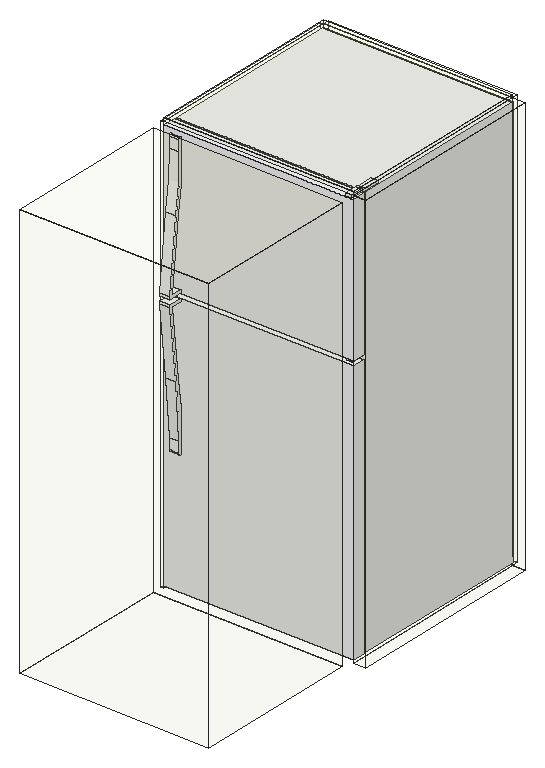
Revit family "WRT318FZDW_034c_Refrigeration_Top_Mount", category Specialty Equipment, Revit 2026
Family settings
  Round Connector Dimension = Use Diameter
  Part Type = Normal
  Work Plane-Based = No
  Enable Cutting in Views = No
  Always vertical = Yes
  Cut with Voids When Loaded = No
  Maintain Annotation Orientation = No
  Shared = No
  Room Calculation Point = No
Parameters (values of type "WRT318FZDW")
  Width = 29 3/4"
  Warranty Duration (Years) = "One year limited"
  Voltage = 120 V
  URL = "https://www.whirlpool.com/kitchen/refrigeration/refrigerators/top-freezer/p.30-inch-wide-top-freezer-refrigerator-18-cu.-ft.wrt318fzdm.html"
  Specification = ""
  SpecWizard = ""
  Show Clearance [instance] = yes
  Send Message = ""
  Sales Information = "https://www.whirlpool.com/kitchen/refrigeration/refrigerators/top-freezer/p.30-inch-wide-top-freezer-refrigerator-18-cu.-ft.wrt318fzdm.html"
  Product Data = "https://www.whirlpool.com/content/dam/global/documents/201710/specification-sheet-WR170104D.pdf"
  Model = "WRT318FZDW"
  Manufacturer Website = ""
  Manufacturer Phone - Toll Free = ""
  Manufacturer Phone = ""
  Manufacturer Fax = ""
  Manufacturer Email = ""
  Manufacturer Address = ""
  Manufacturer = "Whirlpool"
  Maintenance Schedule (Months) = "NA"
  Leg Material = ARCAT - Metal - Steel - White
  Installation-Fabrication = "https://www.whirlpool.com/content/dam/global/documents/201412/installation-instructions-W10728576-RevA.pdf"
  Installation Phase = "NA"
  Height = 65 7/8"
  Handle Material = ARCAT - Metal - Steel - White
  HW size = 0"
  Family Name = "Top Mount Refrigerator"
  Expected Lifespan (Years) = "NA"
  Exhaust size = 0"
  Drawn By = ""
  Drain size = 0"
  Door Material = ARCAT - Metal - Steel - White
  Description = "Whirlpool® 30-inch Wide Top Freezer Refrigerator - 18 cu. ft."
  Depth = 33 1/2"
  Default Elevation = 0"
  Copyright = ""
  Clearance Material = ARCAT - Clearance
  CW size = 0"
  Body Material = ARCAT - Metal - Steel - White
  Apparent Load = 0 VA
  Amps = 15 A
Reference planes (in)
  plane 1 "Center (Front/Back)": y = 0
  plane 2: z = 0
  plane 3 "Center (Left/Right)": x = 0
  plane 4: z = 65.875
  plane 5: x = -14.875
  plane 6: x = 14.875
  plane 7: y = -1
  plane 8: y = -34.5
Forms (in)
  Extrusion 1, solid, material "ARCAT - Clearance" <- "Clearance Material", visible <- "Show Clearance", detail levels medium+fine
    sketch origin (63.95747, -179.25, 0) x (-1, 0, 0) y (0, -1, 0)
      loop
        line (49.08247, -144.75) -> (78.83247, -144.75) -> (78.83247, -118.5) -> (49.08247, -118.5) -> (49.08247, -144.75)
    from 0.5 to 65.875
  Extrusion 2, solid, material "ARCAT - Clearance" <- "Clearance Material", visible <- "Show Clearance", detail levels medium+fine
    sketch origin (63.95747, -148.5, 0) x (-1, 0, 0) y (0, -1, 0)
      loop
        line (49.08247, -148.5) -> (78.83247, -148.5) -> (78.83247, -147.5) -> (49.08247, -147.5) -> (49.08247, -148.5)
    from 0 to 65.875
  Extrusion 3, solid, material "ARCAT - Clearance" <- "Clearance Material", visible <- "Show Clearance", detail levels medium+fine
    sketch origin (91.95747, -163.38786, 0) x (-1, 0, 0) y (0, -1, 0)
      loop
        line (75.08247, -162.38786) -> (77.08247, -162.38786) -> (77.08247, -131.01286) -> (75.08247, -131.01286) -> (75.08247, -162.38786)
    from 0 to 65.875
  Extrusion 4, solid, material "ARCAT - Metal - Steel - White" <- "Body Material"
    sketch origin (0, -2.25, 0) x (1, 0, 0) y (0, 1, 0)
      loop
        line (-14.875, 1.125) -> (-14.875, -27.625) -> (14.875, -27.625) -> (14.875, 1.125) -> (-14.875, 1.125)
    from 0.5 to 65.375
  Extrusion 5, solid, material "ARCAT - Metal - Steel - White" <- "Leg Material"
    sketch origin (4.68238, 17.64858, 0.5) x (1, 0, 0) y (0, -1, 0)
      loop
        circle (-17.05738, 21.14858) r 0.75
    from 0 to 0.5
  Extrusion 6, solid, material "ARCAT - Metal - Steel - White" <- "Leg Material"
    sketch origin (-4.68238, 17.64858, 0.5) x (1, 0, 0) y (0, -1, 0)
      loop
        circle (17.05738, 21.14858) r 0.75
    from 0 to 0.5
  Extrusion 7, solid, material "ARCAT - Metal - Steel - White" <- "Leg Material"
    sketch origin (4.68238, -2.60142, 0.5) x (1, 0, 0) y (0, -1, 0)
      loop
        circle (-17.05738, 22.39858) r 0.75
    from 0 to 0.5
  Extrusion 8, solid, material "ARCAT - Metal - Steel - White" <- "Leg Material"
    sketch origin (-4.68238, -2.60142, 0.5) x (1, 0, 0) y (0, -1, 0)
      loop
        circle (17.05738, 22.39858) r 0.75
    from 0 to 0.5
  Extrusion 9, solid, material "ARCAT - Metal - Steel - White" <- "Handle Material"
    sketch origin (-13.8125, -2.875, 38.625) x (0, 0, 1) y (0, 1, 0)
      loop
        line (4, -29.5) -> (4, -31.625)
        arc (4, -31.625) -> (4.20656, -31.6259) -> (4.41312, -31.62635) r 95.84862
        arc (4.41312, -31.62635) -> (9.89651, -31.35075) -> (15.32279, -30.51462) r 53.5
        arc (15.32279, -30.51462) -> (19.64156, -29.87943) -> (24.00487, -29.75) r 37.53027
        arc (24.00487, -29.75) -> (24.87987, -29.76249) -> (25.75487, -29.75) r 30.66774
        arc (25.75487, -29.75) -> (25.92957, -29.6747) -> (26.00487, -29.5) r 0.25745
        line (26.00487, -29.5) -> (19.35808, -29.5)
        arc (19.35808, -29.5) -> (17.27949, -29.68182) -> (15.22139, -30.02501) r 26.76422
        arc (15.22139, -30.02501) -> (9.88876, -30.84893) -> (4.5, -31.12638) r 53
        line (4.5, -31.12638) -> (4.5, -29.5) -> (4, -29.5)
    from 0 to -1.5
  Extrusion 10, solid, material "ARCAT - Metal - Steel - White" <- "Door Material"
    sketch origin (0, -4.5, 58.5) x (1, 0, 0) y (0, 1, 0)
      loop
        line (-14.875, -25.875) -> (-14.875, -27.875) -> (14.875, -27.875) -> (14.875, -25.875) -> (-14.875, -25.875)
    from -15.875 to 6.875
  Extrusion 11, solid, material "ARCAT - Metal - Steel - White" <- "Door Material"
    sketch origin (0, -4.5, 35.5) x (1, 0, 0) y (0, 1, 0)
      loop
        line (-14.875, -25.875) -> (-14.875, -27.875) -> (14.875, -27.875) -> (14.875, -25.875) -> (-14.875, -25.875)
    from -35 to 6.375
  Extrusion 12, solid, material "ARCAT - Metal - Steel - White" <- "Body Material"
    sketch origin (0.5, -4.5, 65.375) x (1, 0, 0) y (0, 1, 0)
      loop
        circle (13.625, -26.8125) r 0.25
    from 0 to 0.125
  Extrusion 13, solid, material "ARCAT - Metal - Steel - White" <- "Body Material"
    sketch origin (13.625, 4, 48) x (0, 1, 0) y (0, 0, 1)
      loop
        line (-36.375, 17.5) -> (-34.375, 17.5)
        arc (-34.375, 17.5) -> (-34.11731, 17.46828) -> (-33.875, 17.375) r 1.0625
        line (-33.875, 17.375) -> (-31.33968, 17.375) -> (-31.33968, 17.75) -> (-33.81956, 17.75)
        arc (-33.81956, 17.75) -> (-34.09033, 17.84336) -> (-34.375, 17.875) r 1.29656
        line (-34.375, 17.875) -> (-36.375, 17.875) -> (-36.375, 17.5)
    from 0 to 1
  Extrusion 14, solid, material "ARCAT - Metal - Steel - White" <- "Body Material"
    sketch origin (0.28125, -4.5, 42.125) x (1, 0, 0) y (0, 1, 0)
      loop
        circle (13.625, -26.8125) r 0.25
    from -0.25 to 0.5
  Extrusion 15, solid, material "ARCAT - Metal - Steel - White" <- "Body Material"
    sketch origin (13.40625, 4, 24.5625) x (0, 1, 0) y (0, 0, 1)
      loop
        line (-35.93026, 17.5) -> (-33.875, 17.5) -> (-33.875, 17.875) -> (-35.93026, 17.875) -> (-35.93026, 17.5)
    from 0 to 1
  Extrusion 16, solid, material "ARCAT - Metal - Steel - White" <- "Handle Material"
    sketch origin (-13.8125, -2.875, 46.25) x (0, 0, -1) y (0, -1, 0)
      loop
        line (4.375, 29.5) -> (4.875, 29.5) -> (4.875, 31.12638)
        arc (4.875, 31.12638) -> (10.26376, 30.84893) -> (15.59639, 30.02501) r 53
        arc (15.59639, 30.02501) -> (17.65449, 29.68182) -> (19.73308, 29.5) r 26.76422
        line (19.73308, 29.5) -> (26.37987, 29.5)
        arc (26.37987, 29.5) -> (26.30665, 29.67678) -> (26.12987, 29.75) r 0.25
        line (26.12987, 29.75) -> (24.37987, 29.75)
        arc (24.37987, 29.75) -> (20.02203, 29.94152) -> (15.69779, 30.51462) r 49.67363
        arc (15.69779, 30.51462) -> (10.26357, 31.27277) -> (4.78812, 31.62635) r 74.03125
        arc (4.78812, 31.62635) -> (4.58156, 31.62918) -> (4.375, 31.62635) r 7.53408
        line (4.375, 31.62635) -> (4.375, 29.5)
    from 0 to -1.5
  Extrusion 17, solid, material "ARCAT - Clearance" <- "Clearance Material", visible <- "Show Clearance", detail levels medium+fine
    sketch origin (60.20747, -163.38786, 0) x (-1, 0, 0) y (0, -1, 0)
      loop
        line (75.08247, -162.38786) -> (75.58247, -162.38786) -> (75.58247, -131.01286) -> (75.08247, -131.01286) -> (75.08247, -162.38786)
    from 0 to 65.875
  Extrusion 18, solid, material "ARCAT - Clearance" <- "Clearance Material", visible <- "Show Clearance", detail levels medium+fine
    sketch origin (-43.0625, -163.38786, -9.20747) x (0, 0, 1) y (0, -1, 0)
      loop
        line (75.08247, -162.38786) -> (75.58247, -162.38786) -> (75.58247, -131.01286) -> (75.08247, -131.01286) -> (75.08247, -162.38786)
    from 28.1875 to 57.9375
  Extrusion 19, solid, material "ARCAT - Metal - Steel - White" <- "Body Material"
    sketch origin (-14.94879, -1.125, 0) x (1, 0, 0) y (0, 0, -1)
      loop
        line (2.07379, -0.5) -> (2.07379, -1.5) -> (1.07379, -1.5) -> (1.07379, -10)
        arc (1.07379, -10) -> (1.22024, -10.35355) -> (1.57379, -10.5) r 0.5
        line (1.57379, -10.5) -> (28.32379, -10.5)
        arc (28.32379, -10.5) -> (28.67734, -10.35355) -> (28.82379, -10) r 0.5
        line (28.82379, -10) -> (28.82379, -1.5) -> (27.82379, -1.5) -> (27.82379, -0.5) -> (2.07379, -0.5)
    from 0 to 0.125
  Extrusion 20, solid, material "ARCAT - Metal - Steel - White" <- "Body Material"
    sketch origin (-15.5, -1.25, 0) x (1, 0, 0) y (0, 0, -1)
      loop
        line (29.375, -1.5) -> (29.375, -64.375) -> (1.625, -64.375) -> (1.625, -1.5) -> (0.625, -1.5) -> (0.625, -65.375) -> (30.375, -65.375) -> (30.375, -1.5) -> (29.375, -1.5)
    from 0.125 to 0.25
  Extrusion 21, solid, material "ARCAT - Metal - Steel - White" <- "Door Material"
    sketch origin (0, -4.5, 58.5) x (1, 0, 0) y (0, 1, 0)
      loop
        line (14.375, -25.375) -> (-14.375, -25.375) -> (-14.375, -25.875) -> (14.375, -25.875) -> (14.375, -25.375)
    from -15.375 to 6.375
  Extrusion 22, solid, material "ARCAT - Metal - Steel - White" <- "Door Material"
    sketch origin (0, -4.5, 35.5) x (1, 0, 0) y (0, 1, 0)
      loop
        line (14.375, -25.375) -> (-14.375, -25.375) -> (-14.375, -25.875) -> (14.375, -25.875) -> (14.375, -25.375)
    from -34.5 to 5.875
  Extrusion 23, solid, material "ARCAT - Metal - Steel - White" <- "Body Material"
    sketch origin (-27.7996, -1, -10.45577) x (1, 0, 0) y (0, 0, -1)
      loop
        circle (27.7996, -11.70577) r 0.25
    from 0 to 0.03125
Lines and regions (in)
  symbolic lines
    curve 1: line (-14.875, -1, 0) -> (14.875, -1, 0)
    curve 2: line (-14.875, -32.375, 0) -> (-14.875, -1, 0)
    curve 3: line (14.875, -1, 0) -> (14.875, -32.375, 0)
  model lines
    curve 4: line (10.42621, -1, 2.125) -> (10.42621, -1, 9.75)
    curve 5: line (12.2163, -1, 9.75) -> (12.2163, -1, 2.125)
    curve 6: line (12.2163, -1, 2.125) -> (10.42621, -1, 2.125)
    curve 7: line (10.42621, -1, 9.75) -> (12.2163, -1, 9.75)
    curve 8: line (8.17621, -1, 2.125) -> (8.17621, -1, 9.75)
    curve 9: line (9.9663, -1, 9.75) -> (9.9663, -1, 2.125)
    curve 10: line (9.9663, -1, 2.125) -> (8.17621, -1, 2.125)
    curve 11: line (8.17621, -1, 9.75) -> (9.9663, -1, 9.75)
    curve 12: line (5.92621, -1, 2.125) -> (5.92621, -1, 9.75)
    curve 13: line (7.7163, -1, 9.75) -> (7.7163, -1, 2.125)
    curve 14: line (7.7163, -1, 2.125) -> (5.92621, -1, 2.125)
    curve 15: line (5.92621, -1, 9.75) -> (7.7163, -1, 9.75)
    curve 16: line (-12.07113, -1, 2.125) -> (-12.07113, -1, 9.75)
    curve 17: line (-10.03104, -1, 9.75) -> (-10.03104, -1, 2.125)
    curve 18: line (-10.03104, -1, 2.125) -> (-12.07113, -1, 2.125)
    curve 19: line (-12.07113, -1, 9.75) -> (-10.03104, -1, 9.75)
    curve 20: line (-9.69613, -1, 2.125) -> (-9.69613, -1, 9.75)
    curve 21: line (-7.65604, -1, 9.75) -> (-7.65604, -1, 2.125)
    curve 22: line (-7.65604, -1, 2.125) -> (-9.69613, -1, 2.125)
    curve 23: line (-9.69613, -1, 9.75) -> (-7.65604, -1, 9.75)
  symbolic lines, style "SpecialityEquipment"
    curve 24: line (-13.8125, -32.375, 65.75) -> (-13.8125, -34.5, 65.75)
    curve 25: line (-12.3125, -32.375, 65.75) -> (-12.3125, -34.5, 65.75)
    curve 26: line (-12.3125, -34.5, 65.75) -> (-13.8125, -34.5, 65.75)
    curve 27: line (-14.875, -32.375, 65.75) -> (14.875, -32.375, 65.75)
Dimensions and locks (in)
  "Height": plane 4 to plane 2
  equal spacing: plane 5, plane 3 "Center (Left/Right)", plane 6
  "Width": plane 5 to plane 6
  "Depth": plane 8 to plane 7
  aligned and locked: plane 2 to level
Automatic sketch dimensions
  curve 2 to plane 5 = 0"
  curve 3 to plane 6 = 0"
  plane 7 to curve 2 = 0"
  curve 3 to plane 8 = 2 1/8"
  curve 2 to plane 8 = 2 1/8"
  curve 27 to plane 5 = 0"
  plane 8 to curve 24 = 0"
  curve 27 to plane 6 = 0"
  plane 5 to curve 24 = 1 1/16"
  curve 24 to curve 26 = 1 1/2"
  curve 25 to curve 25 = 2 1/8"
  Extrusion 1 sketch curve to plane 6 = 0"
  Extrusion 1 sketch curve to plane 5 = 0"
  plane 8 to Extrusion 1 sketch curve = 0"
  plane 8 to Extrusion 1 sketch curve = 26 1/4"
  Extrusion 2 sketch curve to plane 6 = 0"
  Extrusion 2 sketch curve to plane 5 = 0"
  plane 7 to Extrusion 2 sketch curve = 0"
  Extrusion 2 sketch curve to plane 1 "Center (Front/Back)" = 0"
  plane 7 to Extrusion 3 sketch curve = 0"
  Extrusion 3 sketch curve to plane 6 = 0"
  Extrusion 3 sketch curve to plane 6 = 2"
  Extrusion 3 sketch curve to plane 8 = 2 1/8"
  Extrusion 4 sketch curve to plane 5 = 0"
  Extrusion 4 sketch curve to plane 6 = 0"
  Extrusion 4 sketch curve to plane 8 = 4 5/8"
  plane 7 to Extrusion 4 sketch curve = 1/8"
  plane 5 to Extrusion 5 sketch curve = 2 1/2"
  plane 7 to Extrusion 5 sketch curve = 2 1/2"
  plane 6 to Extrusion 6 sketch curve = 2 1/2"
  plane 7 to Extrusion 6 sketch curve = 2 1/2"
  plane 5 to Extrusion 7 sketch curve = 2 1/2"
  Extrusion 7 sketch curve to plane 8 = 9 1/2"
  plane 6 to Extrusion 8 sketch curve = 2 1/2"
  Extrusion 8 sketch curve to plane 8 = 9 1/2"
  Extrusion 9 sketch curve to Extrusion 9 sketch curve = 0"  (x5)
  Extrusion 9 sketch curve to plane 8 = 0"
  Extrusion 9 sketch curve to plane 8 = 2 1/8"  (x2)
  plane 4 to Extrusion 9 sketch curve = 23 1/4"
  plane 4 to Extrusion 9 sketch curve = 22.77721"
  Extrusion 9 sketch curve to Extrusion 9 sketch curve = 1/2"
  plane 4 to Extrusion 9 sketch curve = 22.72998"
  plane 4 to Extrusion 9 sketch curve = 7.89192"
  plane 4 to Extrusion 9 sketch curve = 6.60073"
  plane 4 to Extrusion 9 sketch curve = 4.31593"
  plane 4 to Extrusion 9 sketch curve = 2.37013"
  plane 4 to Extrusion 9 sketch curve = 1.50248"
  Extrusion 9 sketch curve to Extrusion 9 sketch curve = 0.25735"
  plane 8 to Extrusion 9 sketch curve = 24.60806"
  Extrusion 9 sketch curve to Extrusion 9 sketch curve = 11.03194"
  Extrusion 9 sketch curve to plane 8 = 0.49862"
  Extrusion 9 sketch curve to Extrusion 9 sketch curve = 0.00735"
  plane 7 to Extrusion 9 sketch curve = 0.96975"
  Extrusion 9 sketch curve to plane 1 "Center (Front/Back)" = 18.99862"
  Extrusion 9 sketch curve to Extrusion 9 sketch curve = 42.34859"
  Extrusion 10 sketch curve to plane 5 = 0"
  Extrusion 10 sketch curve to plane 6 = 0"
  Extrusion 10 sketch curve to plane 8 = 2 1/8"
  Extrusion 10 sketch curve to Extrusion 10 sketch curve = 2"
  Extrusion 11 sketch curve to plane 5 = 0"
  Extrusion 11 sketch curve to plane 6 = 0"
  Extrusion 11 sketch curve to plane 8 = 2 1/8"
  Extrusion 11 sketch curve to Extrusion 11 sketch curve = 2"
  Extrusion 12 sketch curve to Extrusion 10 = 3/4"
  Extrusion 12 sketch curve to Extrusion 10 = 15/16"
  plane 4 to Extrusion 13 sketch curve = 0"
  Extrusion 13 sketch curve to plane 8 = 2 1/8"
  Extrusion 13 sketch curve to Extrusion 13 sketch curve = 2"
  Extrusion 13 sketch curve to Extrusion 13 sketch curve = 0"
  Extrusion 13 sketch curve to Extrusion 13 sketch curve = 1/2"
  plane 4 to Extrusion 13 sketch curve = 1/8"
  Extrusion 13 sketch curve to Extrusion 13 sketch curve = 0.05544"
  Extrusion 13 sketch curve to Extrusion 13 sketch curve = 2.47988"
  Extrusion 13 sketch curve to Extrusion 13 sketch curve = 0.14094"
  Extrusion 13 sketch curve to Extrusion 13 sketch curve = 3/8"
  plane 6 to Extrusion 14 sketch curve = 31/32"
  Extrusion 14 sketch curve to plane 8 = 3 3/16"
  Extrusion 15 sketch curve to plane 8 = 2.56974"
  Extrusion 15 sketch curve to Extrusion 15 sketch curve = 2.05526"
  plane 4 to Extrusion 15 sketch curve = 23 13/16"
  Extrusion 15 sketch curve to Extrusion 15 sketch curve = 3/8"
  plane 4 to Extrusion 16 sketch curve = 22.38343"
  plane 8 to Extrusion 16 sketch curve = 0.00135"
  plane 4 to Extrusion 16 sketch curve = 24"
  Extrusion 16 sketch curve to Extrusion 16 sketch curve = 0.20656"
  Extrusion 16 sketch curve to Extrusion 16 sketch curve = 2.08936"
  Extrusion 16 sketch curve to Extrusion 16 sketch curve = 1/2"
  Extrusion 16 sketch curve to plane 8 = 2 1/8"  (x2)
  Extrusion 16 sketch curve to Extrusion 16 sketch curve = 14.85808"
  level to Extrusion 16 sketch curve = 25.22573"
  level to Extrusion 16 sketch curve = 21.87013"
  Extrusion 16 sketch curve to Extrusion 16 sketch curve = 1 3/4"
  Extrusion 16 sketch curve to Extrusion 16 sketch curve = 1/4"
  Extrusion 16 sketch curve to Extrusion 16 sketch curve = 5.4049"
  Extrusion 16 sketch curve to plane 1 "Center (Front/Back)" = 18.99862"
  Extrusion 16 sketch curve to Extrusion 16 sketch curve = 20.50345"
  Extrusion 16 sketch curve to plane 8 = 0.49862"
  plane 8 to Extrusion 16 sketch curve = 24.60806"
  Extrusion 16 sketch curve to Extrusion 16 sketch curve = 23.19057"
  Extrusion 16 sketch curve to Extrusion 16 sketch curve = 0"
  Extrusion 17 sketch curve to plane 5 = 0"
  plane 7 to Extrusion 17 sketch curve = 0"
  Extrusion 17 sketch curve to Extrusion 17 sketch curve = 1/2"
  Extrusion 17 sketch curve to plane 8 = 2 1/8"
  plane 4 to Extrusion 18 sketch curve = 0"
  Extrusion 18 sketch curve to plane 7 = 0"
  Extrusion 18 sketch curve to Extrusion 18 sketch curve = 1/2"
  Extrusion 18 sketch curve to plane 8 = 2 1/8"
  plane 5 to Extrusion 19 sketch curve = 1"
  Extrusion 19 sketch curve to Extrusion 19 sketch curve = 1/2"
  Extrusion 19 sketch curve to Extrusion 19 sketch curve = 1"  (x3)
  level to Extrusion 19 sketch curve = 1/2"
  plane 6 to Extrusion 19 sketch curve = 2"
  plane 6 to Extrusion 19 sketch curve = 1 1/2"
  plane 6 to Extrusion 19 sketch curve = 1"
  Extrusion 19 sketch curve to Extrusion 19 sketch curve = 8 1/2"
  curve 16 to Extrusion 19 = 0.80387"
  curve 17 to Extrusion 19 = 5/8"
  curve 16 to curve 17 = 2.04009"
  curve 17 to curve 20 = 0.33491"
  curve 21 to Extrusion 19 = 5/8"
  curve 20 to curve 21 = 2.04009"
  curve 12 to Extrusion 19 = 3/4"
  curve 12 to Extrusion 19 = 6.94879"
  curve 14 to Extrusion 19 = 5/8"
  curve 12 to curve 14 = 1.79009"
  curve 13 to curve 11 = 0.45991"
  curve 9 to Extrusion 19 = 3/4"
  curve 8 to curve 9 = 1.79009"
  curve 9 to curve 4 = 0.45991"
  curve 5 to Extrusion 19 = 0.6587"
  curve 19 to Extrusion 19 = 3/4"
  curve 7 to Extrusion 19 = 3/4"
  curve 20 to curve 17 = 0"
  curve 10 to curve 13 = 0"
  curve 6 to curve 9 = 0"
  Extrusion 20 sketch curve to plane 5 = 0"
  plane 6 to Extrusion 20 sketch curve = 0"
  plane 5 to Extrusion 20 sketch curve = 1"
  plane 6 to Extrusion 20 sketch curve = 1"
  plane 4 to Extrusion 20 sketch curve = 1/2"
  Extrusion 20 sketch curve to Extrusion 20 sketch curve = 1"
  level to Extrusion 20 sketch curve = 1 1/2"  (x2)
  plane 5 to Extrusion 21 sketch curve = 1/2"
  plane 6 to Extrusion 21 sketch curve = 1/2"
  Extrusion 21 sketch curve to plane 8 = 4 1/8"
  Extrusion 21 sketch curve to Extrusion 21 sketch curve = 1/2"
  plane 5 to Extrusion 22 sketch curve = 1/2"
  plane 6 to Extrusion 22 sketch curve = 1/2"
  Extrusion 22 sketch curve to plane 8 = 4 1/8"
  Extrusion 22 sketch curve to Extrusion 22 sketch curve = 1/2"
  Extrusion 23 sketch curve to plane 3 "Center (Left/Right)" = 0"
  level to Extrusion 23 sketch curve = 1 1/4"
  radius of Extrusion 5 sketch curve = 3/4"
  radius of Extrusion 6 sketch curve = 3/4"
  radius of Extrusion 7 sketch curve = 3/4"
  radius of Extrusion 8 sketch curve = 3/4"
  radius of Extrusion 12 sketch curve = 1/4"
  radius of Extrusion 14 sketch curve = 1/4"
  radius of Extrusion 23 sketch curve = 1/4"
Connectors (in)
  electrical at (0, -0.96875, 1.25), driven by "Voltage", driven by "Apparent Load"
    settings: on Extrusion 23, index 8, voltage 120 V, apparent load 0 VA, apparent load phase1 0 VA, apparent load phase2 0 VA, apparent load phase3 0 VA, power factor 1, load classification "Other", number of poles 1, system type 30, power factor state 1, is connector primary yes, connector utility no, sub classification motor no, connector description "Electrical Connection"
